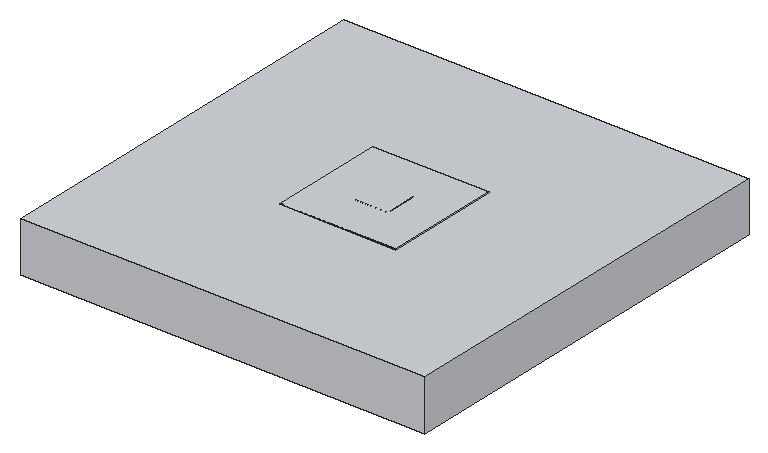
Revit family "Difusor de suprimento - Quadrado - Hospedado", category Terminais de ar, Revit 2019
Family settings
  Hospedeiro = Face
  Cota do conector redondo = Utilizar diâmetro
  Tipo de parte = Normal
  Corte com vazios quando carregada = Não
  Compartilhado = Não
  Ponto de cálculo do ambiente = Não
Parameters (values of type "Padrão")
  UpFlowArrow [instance] = yes
  RightFlowArrow [instance] = yes
  Queda de pressão [instance] = 0.0 Pa
  Largura da lâmina 4 = Largura da grelha * 4 / 5  # 560 mm
  Largura da lâmina 3 = Largura da grelha * 3 / 5  # 420 mm
  Largura da lâmina 2 = Largura da grelha * 2 / 5  # 280 mm
  Largura da lâmina 1 = Largura da grelha * 1 / 5  # 140 mm
  LeftFlowArrow [instance] = yes
  Largura da grelha = 700 mm
  Fluxo [instance] = 0.0 L/s
  Largura do duto = 150 mm
  DownFlowArrow [instance] = yes
  Largura do difusor 2 = Largura do difusor - 55 mm  # 137 mm
  Largura do difusor = 192 mm
  Material do difusor = none
  Altura do difusor = 40 mm
  Elevação-padrão = 1200 mm
Reference planes
  plane 1 "Centro (frente/trás)": y = 0
  plane 2: z = 0
  plane 3 "Centro (direita/esquerda)": x = 0
  plane 4 "Direita superior do difusor": x = 68.5
  plane 5 "Esquerda superior do difusor": x = -68.5
  plane 6 "Traseira superior do difusor": y = 68.5
  plane 7 "Frente superior do difusor": y = -68.5
  plane 8 "Direita": x = 96
  plane 9 "Esquerda": x = -96
  plane 10 "Parte posterior": y = 96
  plane 11 "Parte frontal": y = -96
  plane 12 "Superior": z = 0
  plane 13 "Traseira da grelha": y = 350
  plane 14 "Frente da grelha": y = -350
  plane 15 "Direita da grelha": x = 350
  plane 16 "Esquerda da grelha": x = -350
  plane 17 "Inferior": z = -35
  plane 18 "Face da grelha": z = 5
  plane 19 "Traseira a lâmina 1": y = 70
  plane 20 "Frente da lâmina 1": y = -70
  plane 21 "Esquerda da lâmina 1": x = -70
  plane 22 "Direita da lâmina 1": x = 70
  plane 23 "Esquerda da lâmina 2": x = -140
  plane 24 "Direita da lâmina 2": x = 140
  plane 25 "Traseira da lâmina 2": y = 140
  plane 26 "Frente da lâmina 2": y = -140
  plane 27 "Esquerda da lâmina 3": x = -210
  plane 28 "Direita da lâmina 3": x = 210
  plane 29 "Traseira da lâmina 3": y = 210
  plane 30 "Frente da lâmina 3": y = -210
  plane 31 "Traseira da lâmina 4": y = 280
  plane 32 "Frente da lâmina 4": y = -280
  plane 33: x = -280
  plane 34: x = 280
Forms (mm)
  Extrusion 1, solid
    sketch origin (0, 0, 0) x (1, 0, 0) y (0, 1, 0)
      loop
        line (-1218, 1219.2) -> (-1218, -1219.2) -> (1218, -1219.2) -> (1218, 1219.2) -> (-1218, 1219.2)
    from 0 to -304.8
  Extrusion 2, solid, material <- "Material do difusor"
    sketch origin (0, 0, 5) x (-1, 0, 0) y (0, -1, 0)
      loop
        line (350, -350) -> (350, 350) -> (-350, 350) -> (-350, -350) -> (350, -350)
    from 0 to -5
  Blend 3, solid, material <- "Material do difusor"
    base sketch origin (0, 0, 0) x (-1, 0, 0) y (0, -1, 0)
      loop
        line (96, -96) -> (96, 96) -> (-96, 96) -> (-96, -96) -> (96, -96)
    top sketch origin (0, 0, 0) x (-1, 0, 0) y (0, -1, 0)
      loop
        line (68.5, -68.5) -> (68.5, 68.5) -> (-68.5, 68.5) -> (-68.5, -68.5) -> (68.5, -68.5)
    from 0 to -35
Lines and regions (mm)
  symbolic lines
    curve 1: line (-96, 96, 0) -> (96, -96, 0)
    curve 2: line (96, 96, 0) -> (-96, -96, 0)
    curve 3: line (-96, 96, 0) -> (96, 96, 0)
    curve 4: line (-96, -96, 0) -> (-96, 96, 0)
    curve 5: line (96, -96, 0) -> (-96, -96, 0)
    curve 6: line (96, 96, 0) -> (96, -96, 0)
  model lines
    curve 7: line (-70, 70, 5) -> (70, 70, 5)
    curve 8: line (-70, -70, 5) -> (-70, 70, 5)
    curve 9: line (70, -70, 5) -> (-70, -70, 5)
    curve 10: line (70, 70, 5) -> (70, -70, 5)
    curve 11: line (-140, 140, 5) -> (140, 140, 5)
    curve 12: line (-140, -140, 5) -> (-140, 140, 5)
    curve 13: line (140, -140, 5) -> (-140, -140, 5)
    curve 14: line (140, 140, 5) -> (140, -140, 5)
    curve 15: line (-210, 210, 5) -> (210, 210, 5)
    curve 16: line (-210, -210, 5) -> (-210, 210, 5)
    curve 17: line (210, -210, 5) -> (-210, -210, 5)
    curve 18: line (210, 210, 5) -> (210, -210, 5)
    curve 19: line (-280, 280, 5) -> (280, 280, 5)
    curve 20: line (-280, -280, 5) -> (-280, 280, 5)
    curve 21: line (280, -280, 5) -> (-280, -280, 5)
    curve 22: line (280, 280, 5) -> (280, -280, 5)
Dimensions and locks
  equal spacing: plane 9 "Esquerda", plane 3 "Centro (direita/esquerda)", plane 8 "Direita"
  "Largura do difusor": plane 9 "Esquerda" to plane 8 "Direita"
  equal spacing: plane 11 "Parte frontal", plane 1 "Centro (frente/trás)", plane 10 "Parte posterior"
  "Largura do difusor": plane 11 "Parte frontal" to plane 10 "Parte posterior"
  "Largura do difusor": nested 1 to plane 3 "Centro (direita/esquerda)"
  "Largura do difusor": plane 3 "Centro (direita/esquerda)" to nested 2
  "Largura do difusor": nested 4 to plane 1 "Centro (frente/trás)"
  "Largura do difusor": nested 3 to plane 1 "Centro (frente/trás)"
  equal spacing: plane 5 "Esquerda superior do difusor", plane 3 "Centro (direita/esquerda)", plane 4 "Direita superior do difusor"
  "Largura do difusor 2": plane 5 "Esquerda superior do difusor" to plane 4 "Direita superior do difusor"
  equal spacing: plane 7 "Frente superior do difusor", plane 1 "Centro (frente/trás)", plane 6 "Traseira superior do difusor"
  "Largura do difusor 2": plane 7 "Frente superior do difusor" to plane 6 "Traseira superior do difusor"
  equal spacing: plane 14 "Frente da grelha", plane 1 "Centro (frente/trás)", plane 13 "Traseira da grelha"
  "Largura da grelha": plane 14 "Frente da grelha" to plane 13 "Traseira da grelha"
  equal spacing: plane 16 "Esquerda da grelha", plane 3 "Centro (direita/esquerda)", plane 15 "Direita da grelha"
  "Largura da grelha": plane 16 "Esquerda da grelha" to plane 15 "Direita da grelha"
  "Altura do difusor": plane 18 "Face da grelha" to plane 17 "Inferior"
  locked: plane 18 "Face da grelha" to plane 12 "Superior" at 5
  equal spacing: plane 21 "Esquerda da lâmina 1", plane 3 "Centro (direita/esquerda)", plane 22 "Direita da lâmina 1"
  "Largura da lâmina 1": plane 21 "Esquerda da lâmina 1" to plane 22 "Direita da lâmina 1"
  equal spacing: plane 20 "Frente da lâmina 1", plane 1 "Centro (frente/trás)", plane 19 "Traseira a lâmina 1"
  "Largura da lâmina 1": plane 19 "Traseira a lâmina 1" to plane 20 "Frente da lâmina 1"
  "Largura da lâmina 2": plane 23 "Esquerda da lâmina 2" to plane 24 "Direita da lâmina 2"
  equal spacing: plane 23 "Esquerda da lâmina 2", plane 3 "Centro (direita/esquerda)", plane 24 "Direita da lâmina 2"
  "Largura da lâmina 2": plane 25 "Traseira da lâmina 2" to plane 26 "Frente da lâmina 2"
  equal spacing: plane 25 "Traseira da lâmina 2", plane 1 "Centro (frente/trás)", plane 26 "Frente da lâmina 2"
  "Largura da lâmina 3": plane 27 "Esquerda da lâmina 3" to plane 28 "Direita da lâmina 3"
  equal spacing: plane 27 "Esquerda da lâmina 3", plane 3 "Centro (direita/esquerda)", plane 28 "Direita da lâmina 3"
  equal spacing: plane 29 "Traseira da lâmina 3", plane 1 "Centro (frente/trás)", plane 30 "Frente da lâmina 3"
  "Largura da lâmina 3": plane 29 "Traseira da lâmina 3" to plane 30 "Frente da lâmina 3"
  equal spacing: plane 31 "Traseira da lâmina 4", plane 1 "Centro (frente/trás)", plane 32 "Frente da lâmina 4"
  "Largura da lâmina 4": plane 31 "Traseira da lâmina 4" to plane 32 "Frente da lâmina 4"
  equal spacing: plane 33, plane 3 "Centro (direita/esquerda)", plane 34
  "Largura da lâmina 4": plane 33 to plane 34
  aligned and locked: plane 2 to Extrusion 1
  aligned and locked: level to Extrusion 1
  aligned and locked: plane 11 "Parte frontal" to curve 2
  aligned and locked: plane 9 "Esquerda" to curve 2
  aligned and locked: plane 10 "Parte posterior" to curve 1
  aligned and locked: plane 9 "Esquerda" to curve 1
  aligned and locked: plane 8 "Direita" to curve 2
  aligned and locked: plane 10 "Parte posterior" to curve 2
  aligned and locked: plane 11 "Parte frontal" to curve 1
  aligned and locked: plane 8 "Direita" to curve 1
  aligned and locked: nested 1 to plane 1 "Centro (frente/trás)"
  aligned and locked: plane 1 "Centro (frente/trás)" to nested 2
  aligned and locked: nested 3 to plane 3 "Centro (direita/esquerda)"
  aligned and locked: plane 3 "Centro (direita/esquerda)" to nested 4
  aligned and locked: plane 2 to plane 12 "Superior"
  aligned and locked: Extrusion 2 sketch curve to plane 16 "Esquerda da grelha"
  aligned and locked: plane 14 "Frente da grelha" to Extrusion 2 sketch curve
  aligned and locked: Extrusion 2 sketch curve to plane 15 "Direita da grelha"
  aligned and locked: plane 13 "Traseira da grelha" to Extrusion 2 sketch curve
  aligned and locked: Extrusion 2 to plane 18 "Face da grelha"
  aligned and locked: Extrusion 2 to plane 12 "Superior"
  aligned and locked: Blend 3 sketch curve to plane 9 "Esquerda"
  aligned and locked: plane 10 "Parte posterior" to Blend 3 sketch curve
  aligned and locked: Blend 3 sketch curve to plane 8 "Direita"
  aligned and locked: plane 11 "Parte frontal" to Blend 3 sketch curve
  aligned and locked: plane 6 "Traseira superior do difusor" to Blend 3 sketch curve
  aligned and locked: Blend 3 sketch curve to plane 5 "Esquerda superior do difusor"
  aligned and locked: plane 7 "Frente superior do difusor" to Blend 3 sketch curve
  aligned and locked: Blend 3 sketch curve to plane 4 "Direita superior do difusor"
  aligned and locked: Blend 3 to plane 12 "Superior"
  aligned and locked: Blend 3 to plane 17 "Inferior"
  aligned and locked: curve 9 to plane 20 "Frente da lâmina 1"
  aligned and locked: plane 19 "Traseira a lâmina 1" to curve 7
  aligned and locked: curve 8 to plane 21 "Esquerda da lâmina 1"
  aligned and locked: plane 22 "Direita da lâmina 1" to curve 10
  aligned and locked: curve 13 to plane 26 "Frente da lâmina 2"
  aligned and locked: plane 25 "Traseira da lâmina 2" to curve 11
  aligned and locked: curve 12 to plane 23 "Esquerda da lâmina 2"
  aligned and locked: plane 24 "Direita da lâmina 2" to curve 14
  aligned and locked: curve 17 to plane 30 "Frente da lâmina 3"
  aligned and locked: plane 29 "Traseira da lâmina 3" to curve 15
  aligned and locked: curve 16 to plane 27 "Esquerda da lâmina 3"
  aligned and locked: plane 28 "Direita da lâmina 3" to curve 18
  aligned and locked: curve 21 to plane 32 "Frente da lâmina 4"
  aligned and locked: plane 33 to curve 20
  aligned and locked: curve 22 to plane 34
  aligned and locked: plane 31 "Traseira da lâmina 4" to curve 19
Automatic sketch dimensions
  Extrusion 1 sketch curve to Extrusion 1 sketch curve = 2436 mm
  Extrusion 1 sketch curve to Extrusion 1 sketch curve = 2438.4 mm
Nested families
  nested 1: "Seta do terminal do duto" at (-192, 0, 0) x (-1, 0, 0) z (0, 0, 1), visible <- "LeftFlowArrow", type "Seta do terminal do duto"
  nested 2: "Seta do terminal do duto" at (192, 0, 0), visible <- "RightFlowArrow", type "Seta do terminal do duto"
  nested 3: "Seta do terminal do duto" at (0, -192, 0) x (0, -1, 0) z (0, 0, 1), visible <- "UpFlowArrow", type "Seta do terminal do duto"
  nested 4: "Seta do terminal do duto" at (0, 192, 0) x (0, 1, 0) z (0, 0, 1), visible <- "DownFlowArrow", type "Seta do terminal do duto"
Connectors
  hvac at (0, 0, -35), driven by "Queda de pressão", driven by "Fluxo", driven by "Largura do duto", driven by "Largura do duto"
    settings: on Blend 3, index 1, duct flow 0.0 L/s, flow factor 0, pres drop 0.0 Pa, loss coef 0, conn angle 0.00°, conn width 150 mm, conn height 150 mm, conn diameter 150 mm, duct sys type 1, conn prof type 1, flow config 1, flow direction 1, loss method 4, conn ref index -1, conn util no, is conn primary yes, conn desc "Entrada de ar"
Definition of nested family "Seta do terminal do duto"
  Parameters
    Largura = 600 mm
    Visibilidade 1 = yes
    Visibilidade 2 = no
    Comprimento 4 = (Meio comprimento 1 - Comprimento 5 * sin(20.00°) * 4) / 2  # 70.515 mm
    Comprimento 5 = Comprimento 2 * tan(20.00°)  # 116.199 mm
    Comprimento 3 = Comprimento 2 * 0.5  # 159.627 mm
    Comprimento 2 = Meio comprimento 1 / cos(20.00°)  # 319.253 mm
    Comprimento 1 = if(Altura > Largura, Altura, Largura)  # 600 mm
    Altura = 600 mm
    Meio comprimento 1 = Comprimento 1 * 0.5  # 300 mm
    Assembly Code = ""
  Reference planes
    plane 1 "Centro (Frente/Trás)": y = 0
    plane 2: z = 0
    plane 3 "Centro (Esquerda/Direita)": x = 0
  Lines and regions (mm)
    Filled region 1, type "Tijolo", in view "Nível de referência", visible <- "Visibilidade 1"
      outline origin (0, 0, 0) x (1, 0, 0) y (0, 1, 0)
        loop
          line (600, 0) -> (300, 109.191) -> (300, -109.191) -> (600, 0)
    Filled region 2, type "Preenchimento sólido - Preto", in view "Nível de referência", visible <- "Visibilidade 2"
      outline origin (0, 0, 0) x (1, 0, 0) y (0, 1, 0)
        loop
          line (-300, 109.191) -> (-300, -109.191) -> (0, 0) -> (-300, 109.191)
    detail lines, in view "Nível de referência", visible <- "Visibilidade 1"
      curve 1: line (0, 0, 0) -> (600, 0, 0)
      curve 2: line (600, 0, 0) -> (300, 109.191, 0)
      curve 3: line (600, 0, 0) -> (300, -109.191, 0)
      curve 4: line (300, 109.191, 0) -> (300, -109.191, 0)
    detail lines, in view "Nível de referência", visible <- "Visibilidade 2"
      curve 5: line (-300, 0, 0) -> (0, 0, 0)
      curve 6: line (0, 0, 0) -> (-300, 109.191, 0)
      curve 7: line (0, 0, 0) -> (-300, -109.191, 0)
      curve 8: line (-300, 109.191, 0) -> (-300, -109.191, 0)
      curve 9: line (-300, 0, 0) -> (-370.515, 0, 0)
      curve 10: line (-370.515, 0, 0) -> (-410.258, 109.191, 0)
      curve 11: line (-450, 0, 0) -> (-410.258, 109.191, 0)
      curve 12: line (-450, 0, 0) -> (-489.742, -109.191, 0)
      curve 13: line (-529.485, 0, 0) -> (-489.742, -109.191, 0)
      curve 14: line (-529.485, 0, 0) -> (-600, 0, 0)
  Dimensions and locks
    "Comprimento 1": curve 1 to curve 1
    "Comprimento 2": curve 2 to curve 2
    "Comprimento 2": curve 3 to curve 3
    "Meio comprimento 1": curve 5 to curve 5
    "Comprimento 2": curve 6 to curve 6
    "Comprimento 2": curve 7 to curve 7
    "Comprimento 4": curve 9 to curve 9
    "Comprimento 5": curve 10 to curve 10
    "Comprimento 5": curve 11 to curve 11
    "Comprimento 5": curve 12 to curve 12
    "Comprimento 5": curve 13 to curve 13
    "Comprimento 4": curve 14 to curve 14
    locked: curve 2 to curve 1 (angle 20.00°)
    locked: curve 6 to curve 5 (angle 20.00°)
    locked: curve 9 to curve 10 (angle 110.00°)
    locked: curve 11 to curve 12 (angle 180.00°)
    aligned and locked: plane 1 "Centro (Frente/Trás)" to curve 1
    aligned and locked: Filled region 1 sketch curve to curve 2
    aligned and locked: Filled region 1 sketch curve to curve 3
    aligned and locked: Filled region 1 sketch curve to curve 4
    aligned and locked: plane 1 "Centro (Frente/Trás)" to curve 5
    aligned and locked: plane 3 "Centro (Esquerda/Direita)" to curve 5
    aligned and locked: Filled region 2 sketch curve to curve 8
    aligned and locked: Filled region 2 sketch curve to curve 6
    aligned and locked: Filled region 2 sketch curve to curve 7
    aligned and locked: curve 14 to plane 1 "Centro (Frente/Trás)"
  Automatic sketch dimensions
    plane 1 "Centro (Frente/Trás)" to curve 12 = 0 mm
Types in the file's own list only (11): name | Largura da lâmina 4 | Largura da lâmina 3 | Largura da lâmina 2 | Largura da lâmina 1 | Largura da grelha | Largura do duto | Largura do difusor 2 | Largura do difusor
  192 x 192 | 195 mm | 146 mm | 98 mm | 49 mm | 244 mm | 150 mm | 137 mm | 192 mm
  248 x 248 | 240 mm | 180 mm | 120 mm | 60 mm | 300 mm | 200 mm | 193 mm | 248 mm
  304 x 304 | 285 mm | 214 mm | 142 mm | 71 mm | 356 mm | 250 mm | 249 mm | 304 mm
  360 x 360 | 330 mm | 247 mm | 165 mm | 82 mm | 412 mm | 300 mm | 305 mm | 360 mm
  416 x 416 | 374 mm | 281 mm | 187 mm | 94 mm | 468 mm | 375 mm | 361 mm | 416 mm
  446 x 446 | 398 mm | 299 mm | 199 mm | 100 mm | 498 mm | 400 mm | 391 mm | 446 mm
  546 x 546 | 478 mm | 359 mm | 239 mm | 120 mm | 598 mm | 500 mm | 491 mm | 546 mm
  571 x 571 | 498 mm | 374 mm | 249 mm | 125 mm | 623 mm | 550 mm | 516 mm | 571 mm
  642 x 642 | 555 mm | 416 mm | 278 mm | 139 mm | 694 mm | 600 mm | 587 mm | 642 mm
  698 x 698 | 600 mm | 450 mm | 300 mm | 150 mm | 750 mm | 650 mm | 643 mm | 698 mm
  754 x 754 | 645 mm | 484 mm | 322 mm | 161 mm | 806 mm | 700 mm | 699 mm | 754 mm
